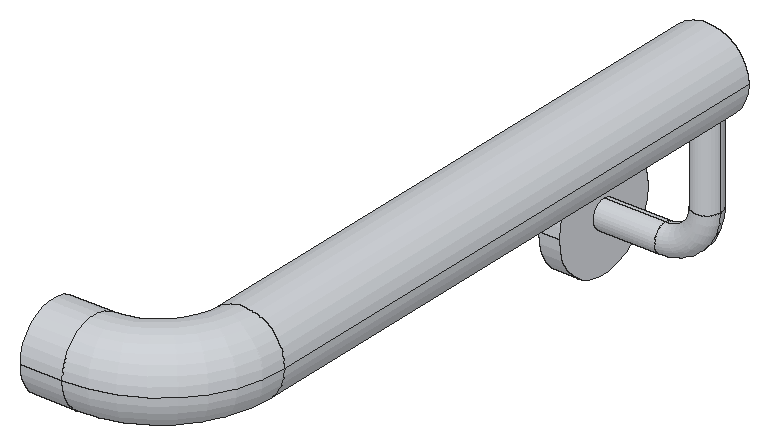
Revit family "Handrail - Round w Extension - End", category Balusters, Revit 2025
Family settings
  Always vertical = Yes
  Cut with Voids When Loaded = No
  Shared = No
Parameters (values of type "1 1/2" Handrail")
  hr2 = Handrail Radius * 2  # 0' - 1 1/2"
  built-in parameter 1008623 [instance] = (empty or 0)
  built-in parameter 1008625 [instance] = (empty or 0)
  Radius = Width / 2  # 0' - 0 1/2"
  Post Material = none
  Width = 0' - 1"
  Post = yes
  Handrail Radius = 0' - 0 3/4"
  Extension = 1' - 0"
  built-in parameter 1008624 [instance] = (empty or 0)
  built-in parameter 1008622 [instance] = 3' - 0"
Reference planes (in)
  plane 1 "Center (Front/Back)": y = 0
  plane 2: z = 0
  plane 3 "Center (Left/Right)": x = 0
  plane 4 "Top": z = 36
  plane 5: y = -12
  plane 6: z = 34.5
  plane 7 "return": z = 35.25
  plane 8: x = 2.25
  plane 9: y = -10
  plane 10: x = -2.25
  plane 11: x = -1.875
  plane 12: z = 32.25
Forms (in)
  Sweep 1, solid
    path origin (0, 0, 35.25) x (-1, 0, 0) y (0, -1, 0)
      loop
        line (0, 0) -> (0, 10.5)
        arc (0, 10.5) -> (0.43934, 11.56066) -> (1.5, 12) r 1.5
        line (1.5, 12) -> (2.25, 12)
    profile origin (0, -5.25, 0) x (1, 0, 0) y (0, 0, 1)
      loop
        circle (0, 35.25) r 0.75
  Extrusion 2, solid, material <- "Post Material", detail levels medium+fine
    sketch origin (0, 0, 0) x (0, 1, 0) y (0, 0, 1)
      loop
        circle (0, 32.25) r 1
    from -2.25 to -1.875
  Sweep 3, solid, detail levels medium+fine
    path origin (0, 0, 0) x (1, 0, 0) y (0, 0, 1)
      loop
        line (-1.875, 32.25) -> (-0.75, 32.25)
        arc (-0.75, 32.25) -> (-0.21967, 32.46967) -> (0, 33) r 0.75
        line (0, 33) -> (0, 35.25)
    profile origin (-1.3125, 0, 0) x (0, 0, 1) y (0, -1, 0)
      loop
        circle (32.25, 0) r 0.25
Dimensions and locks (in)
  "built-in parameter 1008622": plane 2 to plane 4 "Top"
  "hr2": plane 6 to plane 4 "Top"
  "Extension": plane 1 "Center (Front/Back)" to plane 5
  "Handrail Radius": plane 7 "return" to plane 4 "Top"
  plane 3 "Center (Left/Right)" to plane 8 = 0' - 2 1/4"
  locked: plane 9 to plane 5 at 2
  locked: plane 10 to plane 3 "Center (Left/Right)" at 2.25
  locked: plane 10 to plane 11 at 0.375
  plane 12 to plane 7 "return" = 0' - 3"
  "Handrail Radius": radius of Sweep 1 sketch curve
  aligned and locked: plane 10 to Sweep 1 sketch curve
  aligned and locked: plane 5 to Sweep 1 sketch curve
  aligned and locked: Extrusion 2 to Sweep 1
  aligned and locked: plane 11 to Extrusion 2
Automatic sketch dimensions
  Sweep 1 sketch curve to plane 3 "Center (Left/Right)" = 0' - 0"
  Sweep 1 sketch curve to plane 1 "Center (Front/Back)" = 0' - 0"
  Sweep 1 sketch curve to plane 9 = 0' - 0 1/2"
  Extrusion 2 sketch curve to plane 1 "Center (Front/Back)" = 0' - 0"
  Extrusion 2 sketch curve to plane 12 = 0' - 0"
  Sweep 3 sketch curve to plane 1 "Center (Front/Back)" = 0' - 0"
  Sweep 3 sketch curve to profile plane = 0' - 0"
  Sweep 3 sketch curve to plane 11 = 0' - 0"
  Sweep 3 sketch curve to plane 12 = 0' - 0"
  Sweep 3 sketch curve to plane 3 "Center (Left/Right)" = 0' - 0"
  Sweep 3 sketch curve to plane 7 "return" = 0' - 0"
  Sweep 3 sketch curve to plane 3 "Center (Left/Right)" = 0' - 0 3/4"
  Sweep 1 sketch curve to plane 7 "return" = 0' - 0"
  profile plane to Sweep 1 sketch curve = 0' - 0"
  radius of Extrusion 2 sketch curve = 0' - 1"
  radius of Sweep 3 sketch curve = 0' - 0 1/4"
